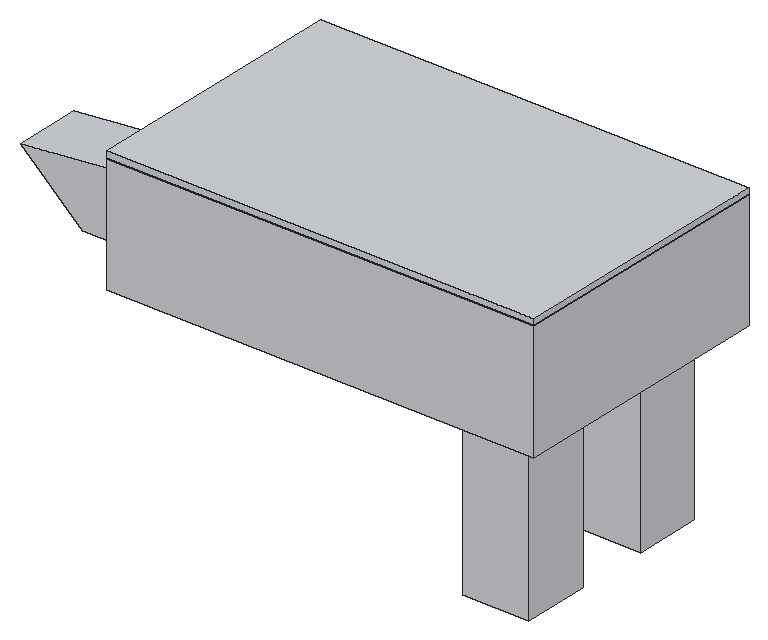
Revit family "AHU 2 _2", category Mechanické zařízení, Revit 2018
Family settings
  Kóta kulaté spojky = Použít průměr
  Typ dílu = Normální
  Číslo OmniClass = 23.75.00.00
  Nadpis OmniClass = Climate Control (HVAC)
  Založené na pracovní rovině = Ne
  Vždy vertikální = Ano
  Ořezat dutým tvarem při načtení = Ne
  Sdílené = Ne
  Bod výpočtu místnosti = Ne
Parameters (values of type "DUPLEXVENT 2500 Multi Eco-N")
  Width [instance] = 1.605 mm
  Weight [instance] = 472.00 kg
  URL = ""
  Type [instance] = "DUPLEXVENT 2500 Multi Eco-N"
  Total_SFP [instance] = 0
  Supply_outlet_hum [instance] = 90
  Supply_inlet_hum [instance] = 90
  Supply_ext_pressure [instance] = 0.0 Pa
  Supply_SFP [instance] = 0
  Source_adu_file [instance] = ""
  Recuperation_type [instance] = "Plate heat recovery exchanger"
  Recuperation_efficiency_EN308 [instance] = 0
  Project_name [instance] = ""
  Project_date [instance] = "9.8.2023"
  Power_supply_fusing [instance] = "0"
  Power_supply_cable [instance] = "0"
  Position [instance] = "AHU 2 "
  Phases_count [instance] = 3
  Panel_thickness [instance] = 0.06 mm
  Outer_surface [instance] = "RAL 9002"
  Length [instance] = 2.56 mm
  Insulation_type [instance] = "PUR"
  Insulation_thickness [instance] = 0.05 mm
  Installation_environment [instance] = ""
  Input_power_max [instance] = 5000 W
  Inner_surface [instance] = "Pozink"
  I2 [instance] = I1  # 0.0 L/s
  Height [instance] = 1.205 mm
  Exhaust_outlet_hum [instance] = 40
  Exhaust_inlet_hum [instance] = 40
  Exhaust_ext_pressure [instance] = 0.0 Pa
  Exhaust_SFP [instance] = 0
  E1 [instance] = E2 - M1  # 0.0 L/s
  E2 [instance] = 0.0 L/s
  I1 [instance] = 0.0 L/s
  Description = ""
  M1 [instance] = 0.0 L/s
  Device_dutypoint_version [instance] = "0"
  Device_design_version [instance] = "10"
  Device_adu_id [instance] = "2"
  Current_max [instance] = 8 A
  Casing_mat [instance] = "painted zinc layer"
  Cable type [instance] = ""
Reference planes
  plane 1 "Střed (vpředu/vzadu)": y = 0
  plane 2 "ref": z = 0
  plane 3 "Střed (vlevo/vpravo)": x = 0
Forms (mm)
  Sweep 1, solid
    path origin (0, 0, -705) x (0, 0, 1) y (1, 0, 0)
      loop
        line (0, 0) -> (705, 0)
    profile origin (0, 0, -705) x (1, 0, 0) y (0, 1, 0)
      loop
        line (0, 0) -> (2560, 0) -> (2560, 1605) -> (0, 1605) -> (0, 0)
  Sweep 2, solid
    path origin (0, 0, 0) x (0, 0, 1) y (1, 0, 0)
      loop
        line (0, 0) -> (40, 0)
    profile origin (0, 0, 0) x (1, 0, 0) y (0, 1, 0)
      loop
        line (0, 0) -> (2560, 0) -> (2560, 1605) -> (0, 1605) -> (0, 0)
  Sweep 3, solid
    path origin (-310, 525, -330) x (1, 0, 0) y (0, 1, 0)
      loop
        line (0, 0) -> (0, -400)
    profile origin (-310, 525, -330) x (1, 0, 0) y (0, 0, 1)
      loop
        line (309, 200) -> (-310, 140) -> (62, -200) -> (310, -200) -> (309, 200)
  Sweep 4, solid
    path origin (0, 325, -330) x (0, 1, 0) y (-1, 0, 0)
      loop
        line (0, 0) -> (0, 1)
    profile origin (0, 325, -330) x (0, -1, 0) y (0, 0, 1)
      loop
        line (-200, -200) -> (200, -200) -> (200, 200) -> (-200, 200) -> (-200, -200)
  Sweep 5, solid
    path origin (2232, 1156, -705) x (0, 0, -1) y (1, 0, 0)
      loop
        line (0, 0) -> (975, 0)
    profile origin (2232, 1156, -705) x (0, -1, 0) y (1, 0, 0)
      loop
        line (-200, 200) -> (-200, -200) -> (200, -200) -> (200, 200) -> (-200, 200)
  Sweep 6, solid
    path origin (2232, 323, -705) x (0, 0, -1) y (1, 0, 0)
      loop
        line (0, 0) -> (975, 0)
    profile origin (2232, 323, -705) x (0, -1, 0) y (1, 0, 0)
      loop
        line (-200, 200) -> (-200, -200) -> (200, -200) -> (200, 200) -> (-200, 200)
  Sweep 7, solid
    path origin (63, 1785, -320) x (1, 0, 0) y (0, 1, 0)
      loop
        line (0, 0) -> (485, 0)
    profile origin (63, 1785, -320) x (0, 1, 0) y (0, 0, 1)
      loop
        line (-180, -188) -> (180, -188) -> (180, 7) -> (0, 188) -> (-180, 188) -> (-180, -188)
  Sweep 8, solid
    path origin (0, 0, -507) x (0, 0, 1) y (1, 0, 0)
      loop
        line (0, 0) -> (375, 0)
    profile origin (0, 0, -507) x (1, 0, 0) y (0, 1, 0)
      loop
        line (63, 1605) -> (547, 1605) -> (547, 1606) -> (63, 1606) -> (63, 1605)
  Sweep 9, solid
    path origin (113, 1492, -705) x (0, -1, 0) y (0, 0, 1)
      loop
        line (0, 0) -> (0, -150)
    profile origin (113, 1492, -705) x (-1, 0, 0) y (0, -1, 0)
      loop
        circle (0, 0) r 20
  Sweep 10, solid
    path origin (1321, 1492, -705) x (0, -1, 0) y (0, 0, 1)
      loop
        line (0, 0) -> (0, -150)
    profile origin (1321, 1492, -705) x (-1, 0, 0) y (0, -1, 0)
      loop
        circle (0, 0) r 20
  Sweep 11, solid
    path origin (0, 0, 5) x (0, 0, 1) y (1, 0, 0)
      loop
        line (0, 0) -> (35, 0)
    profile origin (0, 0, 5) x (1, 0, 0) y (0, 1, 0)
      loop
        line (0, 0) -> (2560, 0) -> (2560, 1605) -> (0, 1605) -> (0, 0)
Lines and regions (mm)
  model lines, style "Symbol"
    curve 1: line (1050, 0, 40) -> (1050, 321, 40)
    curve 2: line (1050, 1605, 40) -> (1050, 1284, 40)
    curve 3: line (0, 802, 40) -> (568, 802, 40)
    curve 4: line (2560, 802, 40) -> (1531, 802, 40)
    curve 5: line (568, 802, 40) -> (809, 1284, 40)
    curve 6: line (809, 1284, 40) -> (1290, 1284, 40)
    curve 7: line (1290, 1284, 40) -> (1531, 802, 40)
    curve 8: line (1531, 802, 40) -> (1290, 321, 40)
    curve 9: line (1290, 321, 40) -> (1050, 321, 40)
    curve 10: line (1050, 321, 40) -> (809, 321, 40)
    curve 11: line (809, 321, 40) -> (568, 802, 40)
    curve 12: line (2207, 1318, 40) -> (2464, 1274, 40)
    curve 13: line (2207, 1089, 40) -> (2464, 1133, 40)
    curve 14: line (126, 1091, 40) -> (170, 1348, 40)
    curve 15: line (355, 1091, 40) -> (311, 1348, 40)
    curve 16: line (51, 161, 40) -> (51, 642, 40)
    curve 17: line (51, 642, 40) -> (205, 642, 40)
    curve 18: line (205, 642, 40) -> (205, 161, 40)
    curve 19: line (205, 161, 40) -> (51, 161, 40)
    curve 20: line (128, 161, 40) -> (205, 401, 40)
    curve 21: line (128, 642, 40) -> (205, 401, 40)
    curve 22: line (2509, 642, 40) -> (2509, 161, 40)
    curve 23: line (2509, 161, 40) -> (2355, 161, 40)
    curve 24: line (2355, 161, 40) -> (2355, 642, 40)
    curve 25: line (2355, 642, 40) -> (2509, 642, 40)
    curve 26: line (2432, 642, 40) -> (2355, 401, 40)
    curve 27: line (2432, 161, 40) -> (2355, 401, 40)
    curve 28: line (722, 281, 40) -> (503, 710, 40)
    curve 29: line (503, 710, 40) -> (575, 746, 40)
    curve 30: line (575, 746, 40) -> (793, 317, 40)
    curve 31: line (793, 317, 40) -> (722, 281, 40)
    curve 32: line (591, 556, 40) -> (619, 643, 40)
    curve 33: line (678, 385, 40) -> (706, 471, 40)
    curve 34: line (87, 1492, -705) -> (139, 1492, -705)
    curve 35: line (113, 1466, -705) -> (113, 1518, -705)
    curve 36: line (1295, 1492, -705) -> (1347, 1492, -705)
    curve 37: line (1321, 1466, -705) -> (1321, 1518, -705)
    curve 38: line (0, 0, 600) -> (0, 0, 0)
    curve 39: line (2560, 0, 600) -> (2560, 0, 0)
    curve 40: line (0, 0, 600) -> (2560, 0, 600)
    curve 41: line (0, 1605, 600) -> (0, 1605, 0)
    curve 42: line (2560, 1605, 600) -> (2560, 1605, 0)
    curve 43: line (0, 1605, 600) -> (2560, 1605, 600)
    curve 44: line (0, 0, 600) -> (0, 1605, 600)
    curve 45: line (2560, 0, 600) -> (2560, 1605, 600)
    curve 46: line (0, 1405, 600) -> (200, 1605, 600)
    curve 47: line (0, 1205, 600) -> (400, 1605, 600)
    curve 48: line (0, 1005, 600) -> (600, 1605, 600)
    curve 49: line (0, 805, 600) -> (800, 1605, 600)
    curve 50: line (0, 605, 600) -> (1000, 1605, 600)
    curve 51: line (0, 405, 600) -> (1200, 1605, 600)
    curve 52: line (0, 205, 600) -> (1400, 1605, 600)
    curve 53: line (0, 5, 600) -> (1600, 1605, 600)
    curve 54: line (195, 0, 600) -> (1800, 1605, 600)
    curve 55: line (395, 0, 600) -> (2000, 1605, 600)
    curve 56: line (595, 0, 600) -> (2200, 1605, 600)
    curve 57: line (795, 0, 600) -> (2400, 1605, 600)
    curve 58: line (995, 0, 600) -> (2560, 1565, 600)
    curve 59: line (1195, 0, 600) -> (2560, 1365, 600)
    curve 60: line (1395, 0, 600) -> (2560, 1165, 600)
    curve 61: line (1595, 0, 600) -> (2560, 965, 600)
    curve 62: line (1795, 0, 600) -> (2560, 765, 600)
    curve 63: line (1995, 0, 600) -> (2560, 565, 600)
    curve 64: line (2195, 0, 600) -> (2560, 365, 600)
    curve 65: line (2395, 0, 600) -> (2560, 165, 600)
    curve 66: line (2560, 1405, 600) -> (2560, 1605, 400)
    curve 67: line (2560, 1205, 600) -> (2560, 1605, 200)
    curve 68: line (2560, 1005, 600) -> (2560, 1605, 0)
    curve 69: line (2560, 805, 600) -> (2560, 1405, 0)
    curve 70: line (2560, 605, 600) -> (2560, 1205, 0)
    curve 71: line (2560, 405, 600) -> (2560, 1005, 0)
    curve 72: line (2560, 205, 600) -> (2560, 805, 0)
    curve 73: line (2560, 5, 600) -> (2560, 605, 0)
    curve 74: line (2560, 0, 405) -> (2560, 405, 0)
    curve 75: line (2560, 0, 205) -> (2560, 205, 0)
    curve 76: line (2560, 0, 5) -> (2560, 5, 0)
    curve 77: line (0, 1605, 400) -> (200, 1605, 600)
    curve 78: line (0, 1605, 200) -> (400, 1605, 600)
    curve 79: line (0, 1605, 0) -> (600, 1605, 600)
    curve 80: line (200, 1605, 0) -> (800, 1605, 600)
    curve 81: line (400, 1605, 0) -> (1000, 1605, 600)
    curve 82: line (600, 1605, 0) -> (1200, 1605, 600)
    curve 83: line (800, 1605, 0) -> (1400, 1605, 600)
    curve 84: line (1000, 1605, 0) -> (1600, 1605, 600)
    curve 85: line (1200, 1605, 0) -> (1800, 1605, 600)
    curve 86: line (1400, 1605, 0) -> (2000, 1605, 600)
    curve 87: line (1600, 1605, 0) -> (2200, 1605, 600)
    curve 88: line (1800, 1605, 0) -> (2400, 1605, 600)
    curve 89: line (2000, 1605, 0) -> (2560, 1605, 560)
    curve 90: line (2200, 1605, 0) -> (2560, 1605, 360)
    curve 91: line (2400, 1605, 0) -> (2560, 1605, 160)
    curve 92: line (0, -700, -705) -> (0, 0, -705)
    curve 93: line (2560, -700, -705) -> (2560, 0, -705)
    curve 94: line (0, -700, -705) -> (2560, -700, -705)
    curve 95: line (0, -700, 0) -> (0, 0, 0)
    curve 96: line (2560, -700, 0) -> (2560, 0, 0)
    curve 97: line (0, -700, 0) -> (2560, -700, 0)
    curve 98: line (0, -700, -705) -> (0, -700, 0)
    curve 99: line (2560, -700, -705) -> (2560, -700, 0)
    curve 100: line (0, -700, -200) -> (200, -700, 0)
    curve 101: line (0, -700, -400) -> (400, -700, 0)
    curve 102: line (0, -700, -600) -> (600, -700, 0)
    curve 103: line (95, -700, -705) -> (800, -700, 0)
    curve 104: line (295, -700, -705) -> (1000, -700, 0)
    curve 105: line (495, -700, -705) -> (1200, -700, 0)
    curve 106: line (695, -700, -705) -> (1400, -700, 0)
    curve 107: line (895, -700, -705) -> (1600, -700, 0)
    curve 108: line (1095, -700, -705) -> (1800, -700, 0)
    curve 109: line (1295, -700, -705) -> (2000, -700, 0)
    curve 110: line (1495, -700, -705) -> (2200, -700, 0)
    curve 111: line (1695, -700, -705) -> (2400, -700, 0)
    curve 112: line (1895, -700, -705) -> (2560, -700, -40)
    curve 113: line (2095, -700, -705) -> (2560, -700, -240)
    curve 114: line (2295, -700, -705) -> (2560, -700, -440)
    curve 115: line (2495, -700, -705) -> (2560, -700, -640)
    curve 116: line (2560, -700, -200) -> (2560, -500, 0)
    curve 117: line (2560, -700, -400) -> (2560, -300, 0)
    curve 118: line (2560, -700, -600) -> (2560, -100, 0)
    curve 119: line (2560, -605, -705) -> (2560, 0, -100)
    curve 120: line (2560, -405, -705) -> (2560, 0, -300)
    curve 121: line (2560, -205, -705) -> (2560, 0, -500)
    curve 122: line (2560, -5, -705) -> (2560, 0, -700)
    curve 123: line (0, -500, 0) -> (200, -700, 0)
    curve 124: line (0, -300, 0) -> (400, -700, 0)
    curve 125: line (0, -100, 0) -> (600, -700, 0)
    curve 126: line (100, 0, 0) -> (800, -700, 0)
    curve 127: line (300, 0, 0) -> (1000, -700, 0)
    curve 128: line (500, 0, 0) -> (1200, -700, 0)
    curve 129: line (700, 0, 0) -> (1400, -700, 0)
    curve 130: line (900, 0, 0) -> (1600, -700, 0)
    curve 131: line (1100, 0, 0) -> (1800, -700, 0)
    curve 132: line (1300, 0, 0) -> (2000, -700, 0)
    curve 133: line (1500, 0, 0) -> (2200, -700, 0)
    curve 134: line (1700, 0, 0) -> (2400, -700, 0)
    curve 135: line (1900, 0, 0) -> (2560, -660, 0)
    curve 136: line (2100, 0, 0) -> (2560, -460, 0)
    curve 137: line (2300, 0, 0) -> (2560, -260, 0)
    curve 138: line (2500, 0, 0) -> (2560, -60, 0)
    curve 139: line (0, 2305, 0) -> (0, 1605, 0)
    curve 140: line (2560, 2305, 0) -> (2560, 1605, 0)
    curve 141: line (0, 2305, 0) -> (2560, 2305, 0)
    curve 142: line (0, 2305, -705) -> (0, 1605, -705)
    curve 143: line (2560, 2305, -705) -> (2560, 1605, -705)
    curve 144: line (0, 2305, -705) -> (2560, 2305, -705)
    curve 145: line (0, 2305, 0) -> (0, 2305, -705)
    curve 146: line (2560, 2305, 0) -> (2560, 2305, -705)
    curve 147: line (0, 2305, -505) -> (200, 2305, -705)
    curve 148: line (0, 2305, -305) -> (400, 2305, -705)
    curve 149: line (0, 2305, -105) -> (600, 2305, -705)
    curve 150: line (95, 2305, 0) -> (800, 2305, -705)
    curve 151: line (295, 2305, 0) -> (1000, 2305, -705)
    curve 152: line (495, 2305, 0) -> (1200, 2305, -705)
    curve 153: line (695, 2305, 0) -> (1400, 2305, -705)
    curve 154: line (895, 2305, 0) -> (1600, 2305, -705)
    curve 155: line (1095, 2305, 0) -> (1800, 2305, -705)
    curve 156: line (1295, 2305, 0) -> (2000, 2305, -705)
    curve 157: line (1495, 2305, 0) -> (2200, 2305, -705)
    curve 158: line (1695, 2305, 0) -> (2400, 2305, -705)
    curve 159: line (1895, 2305, 0) -> (2560, 2305, -665)
    curve 160: line (2095, 2305, 0) -> (2560, 2305, -465)
    curve 161: line (2295, 2305, 0) -> (2560, 2305, -265)
    curve 162: line (2495, 2305, 0) -> (2560, 2305, -65)
    curve 163: line (2560, 2305, -505) -> (2560, 2105, -705)
    curve 164: line (2560, 2305, -305) -> (2560, 1905, -705)
    curve 165: line (2560, 2305, -105) -> (2560, 1705, -705)
    curve 166: line (2560, 2210, 0) -> (2560, 1605, -605)
    curve 167: line (2560, 2010, 0) -> (2560, 1605, -405)
    curve 168: line (2560, 1810, 0) -> (2560, 1605, -205)
    curve 169: line (2560, 1610, 0) -> (2560, 1605, -5)
    curve 170: line (0, 2105, -705) -> (200, 2305, -705)
    curve 171: line (0, 1905, -705) -> (400, 2305, -705)
    curve 172: line (0, 1705, -705) -> (600, 2305, -705)
    curve 173: line (100, 1605, -705) -> (800, 2305, -705)
    curve 174: line (300, 1605, -705) -> (1000, 2305, -705)
    curve 175: line (500, 1605, -705) -> (1200, 2305, -705)
    curve 176: line (700, 1605, -705) -> (1400, 2305, -705)
    curve 177: line (900, 1605, -705) -> (1600, 2305, -705)
    curve 178: line (1100, 1605, -705) -> (1800, 2305, -705)
    curve 179: line (1300, 1605, -705) -> (2000, 2305, -705)
    curve 180: line (1500, 1605, -705) -> (2200, 2305, -705)
    curve 181: line (1700, 1605, -705) -> (2400, 2305, -705)
    curve 182: line (1900, 1605, -705) -> (2560, 2265, -705)
    curve 183: line (2100, 1605, -705) -> (2560, 2065, -705)
    curve 184: line (2300, 1605, -705) -> (2560, 1865, -705)
    curve 185: line (2500, 1605, -705) -> (2560, 1665, -705)
    curve 186: line (0, 0, 40) -> (0, 1605, 40)
    curve 187: line (0, 1605, 40) -> (1280, 1605, 40)
    curve 188: line (1280, 1605, 40) -> (1280, 0, 40)
    curve 189: line (1280, 0, 40) -> (0, 0, 40)
    curve 190: line (1280, 0, 40) -> (1280, 1605, 40)
    curve 191: line (1280, 1605, 40) -> (2560, 1605, 40)
    curve 192: line (2560, 1605, 40) -> (2560, 0, 40)
    curve 193: line (2560, 0, 40) -> (1280, 0, 40)
    curve 194: line (0, 0, 40) -> (2560, 0, 40)
    curve 195: line (0, 1605, 40) -> (2560, 1605, 40)
    curve 196: line (0, 0, 40) -> (0, 1605, 40)
    curve 197: line (2560, 0, 40) -> (2560, 1605, 40)
    curve 198: line (0, 0, 40) -> (0, 0, 5)
    curve 199: line (2560, 0, 40) -> (2560, 0, 5)
    curve 200: line (0, 1605, 40) -> (0, 1605, 5)
    curve 201: line (2560, 1605, 40) -> (2560, 1605, 5)
    curve 202: line (15, 10, -1205) -> (15, 10, -705)
    curve 203: line (15, 10, -705) -> (2545, 10, -705)
    curve 204: line (2545, 10, -705) -> (2545, 10, -1205)
    curve 205: line (2545, 10, -1205) -> (15, 10, -1205)
    curve 206: line (15, 1595, -1205) -> (15, 1595, -705)
    curve 207: line (15, 1595, -705) -> (2545, 1595, -705)
    curve 208: line (2545, 1595, -705) -> (2545, 1595, -1205)
    curve 209: line (2545, 1595, -1205) -> (15, 1595, -1205)
    curve 210: line (15, 10, -1205) -> (15, 10, -705)
    curve 211: line (15, 10, -705) -> (15, 1595, -705)
    curve 212: line (15, 1595, -705) -> (15, 1595, -1205)
    curve 213: line (15, 1595, -1205) -> (15, 10, -1205)
    curve 214: line (2545, 10, -1205) -> (2545, 10, -705)
    curve 215: line (2545, 10, -705) -> (2545, 1595, -705)
    curve 216: line (2545, 1595, -705) -> (2545, 1595, -1205)
    curve 217: line (2545, 1595, -1205) -> (2545, 10, -1205)
    curve 218: line (1005, 10, -780) -> (1005, 10, -1030)
    curve 219: line (1005, 10, -1030) -> (1255, 10, -1030)
    curve 220: line (1255, 10, -1030) -> (1255, 10, -780)
    curve 221: line (1255, 10, -780) -> (1005, 10, -780)
    curve 222: line (1030, 10, -805) -> (1030, 10, -1005)
    curve 223: line (1030, 10, -1005) -> (1230, 10, -1005)
    curve 224: line (1230, 10, -1005) -> (1230, 10, -805)
    curve 225: line (1230, 10, -805) -> (1030, 10, -805)
    curve 226: line (1005, 1595, -780) -> (1005, 1595, -1030)
    curve 227: line (1005, 1595, -1030) -> (1255, 1595, -1030)
    curve 228: line (1255, 1595, -1030) -> (1255, 1595, -780)
    curve 229: line (1255, 1595, -780) -> (1005, 1595, -780)
    curve 230: line (1030, 1595, -805) -> (1030, 1595, -1005)
    curve 231: line (1030, 1595, -1005) -> (1230, 1595, -1005)
    curve 232: line (1230, 1595, -1005) -> (1230, 1595, -805)
    curve 233: line (1230, 1595, -805) -> (1030, 1595, -805)
    curve 234: line (2235, 1595, -780) -> (2235, 1595, -1030)
    curve 235: line (2235, 1595, -1030) -> (2485, 1595, -1030)
    curve 236: line (2485, 1595, -1030) -> (2485, 1595, -780)
    curve 237: line (2485, 1595, -780) -> (2235, 1595, -780)
    curve 238: line (2260, 1595, -805) -> (2260, 1595, -1005)
    curve 239: line (2260, 1595, -1005) -> (2460, 1595, -1005)
    curve 240: line (2460, 1595, -1005) -> (2460, 1595, -805)
    curve 241: line (2460, 1595, -805) -> (2260, 1595, -805)
    curve 242: line (15, 477, -780) -> (15, 728, -780)
    curve 243: line (15, 728, -780) -> (15, 728, -1030)
    curve 244: line (15, 728, -1030) -> (15, 477, -1030)
    curve 245: line (15, 477, -1030) -> (15, 477, -780)
    curve 246: line (15, 502, -805) -> (15, 703, -805)
    curve 247: line (15, 703, -805) -> (15, 703, -1005)
    curve 248: line (15, 703, -1005) -> (15, 502, -1005)
    curve 249: line (15, 502, -1005) -> (15, 502, -805)
    curve 250: line (2545, 477, -780) -> (2545, 728, -780)
    curve 251: line (2545, 728, -780) -> (2545, 728, -1030)
    curve 252: line (2545, 728, -1030) -> (2545, 477, -1030)
    curve 253: line (2545, 477, -1030) -> (2545, 477, -780)
    curve 254: line (2545, 502, -805) -> (2545, 703, -805)
    curve 255: line (2545, 703, -805) -> (2545, 703, -1005)
    curve 256: line (2545, 703, -1005) -> (2545, 502, -1005)
    curve 257: line (2545, 502, -1005) -> (2545, 502, -805)
    curve 258: line (938, 0, -228) -> (938, 0, -477)
    curve 259: line (938, 0, -477) -> (1188, 0, -477)
    curve 260: line (1188, 0, -477) -> (1188, 0, -228)
    curve 261: line (1188, 0, -228) -> (938, 0, -228)
    curve 262: line (963, 0, -253) -> (963, 0, -453)
    curve 263: line (963, 0, -453) -> (1163, 0, -453)
    curve 264: line (1163, 0, -453) -> (1163, 0, -253)
    curve 265: line (1163, 0, -253) -> (963, 0, -253)
    curve 266: line (235, 0, -50) -> (235, 0, -655)
    curve 267: line (235, 0, -655) -> (485, 0, -655)
    curve 268: line (485, 0, -655) -> (485, 0, -50)
    curve 269: line (485, 0, -50) -> (235, 0, -50)
    curve 270: line (260, 0, -75) -> (260, 0, -630)
    curve 271: line (260, 0, -630) -> (460, 0, -630)
    curve 272: line (460, 0, -630) -> (460, 0, -75)
    curve 273: line (460, 0, -75) -> (260, 0, -75)
    curve 274: line (1495, 0, -50) -> (1495, 0, -655)
    curve 275: line (1495, 0, -655) -> (1745, 0, -655)
    curve 276: line (1745, 0, -655) -> (1745, 0, -50)
    curve 277: line (1745, 0, -50) -> (1495, 0, -50)
    curve 278: line (1520, 0, -75) -> (1520, 0, -630)
    curve 279: line (1520, 0, -630) -> (1720, 0, -630)
    curve 280: line (1720, 0, -630) -> (1720, 0, -75)
    curve 281: line (1720, 0, -75) -> (1520, 0, -75)
    curve 282: circle (2319, 1204, 40) r 161 normal (0, 0, 1)
    curve 283: circle (241, 1204, 40) r 161 normal (0, 0, 1)
    curve 284: circle (605, 599, 40) r 12 normal (0, 0, 1)
    curve 285: circle (692, 428, 40) r 12 normal (0, 0, 1)
    curve 286: circle (113, 1492, -705) r 20 normal (0, 0, 1)
    curve 287: circle (1321, 1492, -705) r 20 normal (0, 0, 1)
Dimensions and locks
  aligned and locked: level to plane 2 "ref"
Connectors
  hvac at (-1, 325, -330), driven by "E1"
    settings: on Sweep 4, index 1, duct flow 0.0 L/s, flow factor 0, pres drop 0.0 Pa, loss coef 0, conn angle 0.00°, conn width 10 mm, conn height 10 mm, conn diameter 609.6 mm, duct sys type 1, conn prof type 1, flow config 1, flow direction 1, loss method 0, conn ref index -1, conn util no, is conn primary yes, conn desc ""
  hvac at (2232, 1156, -1680), driven by "E2"
    settings: on Sweep 5, index 2, duct flow 0.0 L/s, flow factor 1, pres drop 0.0 Pa, loss coef 0, conn angle 0.00°, conn width 400 mm, conn height 400 mm, conn diameter 609.6 mm, duct sys type 1, conn prof type 1, flow config 2, flow direction 2, loss method 0, conn ref index -1, conn util no, is conn primary no, conn desc ""
  hvac at (2232, 323, -1680), driven by "I1"
    settings: on Sweep 6, index 3, duct flow 0.0 L/s, flow factor 1, pres drop 0.0 Pa, loss coef 0, conn angle 0.00°, conn width 400 mm, conn height 400 mm, conn diameter 609.6 mm, duct sys type 3, conn prof type 1, flow config 2, flow direction 1, loss method 0, conn ref index -1, conn util no, is conn primary no, conn desc ""
  hvac at (305, 1605.5, -132), driven by "I2"
    settings: on Sweep 8, index 4, duct flow 0.0 L/s, flow factor 0, pres drop 0.0 Pa, loss coef 0, conn angle 0.00°, conn width 10 mm, conn height 10 mm, conn diameter 609.6 mm, duct sys type 3, conn prof type 1, flow config 1, flow direction 2, loss method 0, conn ref index -1, conn util no, is conn primary no, conn desc ""
  piping at (113, 1492, -855), diameter 40
    settings: on Sweep 9, index 5, connector inside diameter 609.6 mm, connector length 0 mm, flow factor 0, pipe flow 0.0 L/s, pressure drop 0.0 Pa, fitting loss kfactor 0, connector angle 0.00°, fixture units 0, engagement length 0 mm, angle of deflection 0.00°, flow configuration 1, flow direction 2, fitting loss method 0, system type 16, joint type 0, gender type 0, connector reference index -1, connector utility 0, adjustable connector no, is connector primary yes, connector description ""
  piping at (1321, 1492, -855), diameter 40
    settings: on Sweep 10, index 6, connector inside diameter 609.6 mm, connector length 0 mm, flow factor 0, pipe flow 0.0 L/s, pressure drop 0.0 Pa, fitting loss kfactor 0, connector angle 0.00°, fixture units 0, engagement length 0 mm, angle of deflection 0.00°, flow configuration 1, flow direction 2, fitting loss method 0, system type 16, joint type 0, gender type 0, connector reference index -1, connector utility 0, adjustable connector no, is connector primary no, connector description ""
